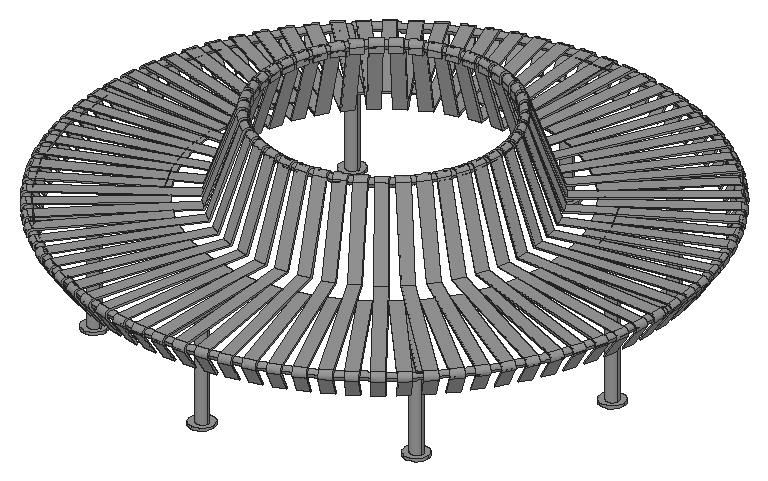
Revit family "Скамейка стальная круглая «Вертикаль» Арт 14179", category Антураж, Revit 2018 (continued)
Automatic sketch dimensions
  Extrusion 61 sketch curve to Extrusion 61 sketch curve = 3.586 mm
  Extrusion 61 sketch curve to Extrusion 61 sketch curve = 48.574 mm
  Extrusion 61 sketch curve to plane 6 = 372.41 mm
  Extrusion 61 sketch curve to Extrusion 61 sketch curve = 13.042 mm
  Extrusion 61 sketch curve to plane 6 = 375.115 mm
  Extrusion 61 sketch curve to Extrusion 61 sketch curve = 4.211 mm
  Extrusion 62 sketch curve to Extrusion 62 sketch curve = 0 mm  (x4)
  Extrusion 62 sketch curve to plane 6 = 45 mm
  Extrusion 62 sketch curve to Extrusion 62 sketch curve = 5 mm
  Extrusion 62 sketch curve to Extrusion 62 sketch curve = 15 mm
  Extrusion 62 sketch curve to plane 6 = 14.906 mm
  Extrusion 62 sketch curve to Extrusion 62 sketch curve = 14.108 mm
  Extrusion 62 sketch curve to plane 6 = 13.207 mm
  Extrusion 62 sketch curve to plane 6 = 350 mm
  Extrusion 62 sketch curve to Extrusion 62 sketch curve = 150.11 mm
  Extrusion 62 sketch curve to Extrusion 62 sketch curve = 3.511 mm
  level to Extrusion 62 sketch curve = 335.925 mm
  Extrusion 62 sketch curve to Extrusion 62 sketch curve = 547.849 mm
  level to Extrusion 62 sketch curve = 332.34 mm
  Extrusion 62 sketch curve to Extrusion 62 sketch curve = 3.586 mm
  Extrusion 62 sketch curve to Extrusion 62 sketch curve = 48.574 mm
  Extrusion 62 sketch curve to plane 6 = 372.41 mm
  Extrusion 62 sketch curve to Extrusion 62 sketch curve = 13.042 mm
  Extrusion 62 sketch curve to plane 6 = 375.115 mm
  Extrusion 62 sketch curve to Extrusion 62 sketch curve = 4.211 mm
  Extrusion 63 sketch curve to Extrusion 63 sketch curve = 0 mm  (x2)
  Extrusion 63 sketch curve to plane 6 = 350 mm
  level to Extrusion 63 sketch curve = 335.925 mm
  Extrusion 63 sketch curve to Extrusion 63 sketch curve = 442.653 mm
  level to Extrusion 63 sketch curve = 332.34 mm
  Extrusion 63 sketch curve to Extrusion 63 sketch curve = 3.586 mm
  Extrusion 63 sketch curve to Extrusion 63 sketch curve = 48.574 mm
  Extrusion 63 sketch curve to plane 6 = 372.41 mm
  Extrusion 63 sketch curve to Extrusion 63 sketch curve = 13.042 mm
  Extrusion 63 sketch curve to plane 6 = 375.115 mm
  Extrusion 63 sketch curve to Extrusion 63 sketch curve = 4.211 mm
  Extrusion 64 sketch curve to Extrusion 64 sketch curve = 0 mm  (x4)
  Extrusion 64 sketch curve to plane 6 = 45 mm
  Extrusion 64 sketch curve to Extrusion 64 sketch curve = 5 mm
  Extrusion 64 sketch curve to Extrusion 64 sketch curve = 15 mm
  Extrusion 64 sketch curve to plane 6 = 14.906 mm
  Extrusion 64 sketch curve to Extrusion 64 sketch curve = 14.108 mm
  Extrusion 64 sketch curve to plane 6 = 13.207 mm
  Extrusion 64 sketch curve to plane 6 = 350 mm
  Extrusion 64 sketch curve to Extrusion 64 sketch curve = 150.11 mm
  Extrusion 64 sketch curve to Extrusion 64 sketch curve = 3.511 mm
  level to Extrusion 64 sketch curve = 335.925 mm
  Extrusion 64 sketch curve to Extrusion 64 sketch curve = 547.849 mm
  level to Extrusion 64 sketch curve = 332.34 mm
  Extrusion 64 sketch curve to Extrusion 64 sketch curve = 3.586 mm
  Extrusion 64 sketch curve to Extrusion 64 sketch curve = 48.574 mm
  Extrusion 64 sketch curve to plane 6 = 372.41 mm
  Extrusion 64 sketch curve to Extrusion 64 sketch curve = 13.042 mm
  Extrusion 64 sketch curve to plane 6 = 375.115 mm
  Extrusion 64 sketch curve to Extrusion 64 sketch curve = 4.211 mm
  Extrusion 65 sketch curve to Extrusion 65 sketch curve = 0 mm  (x2)
  Extrusion 65 sketch curve to plane 6 = 350 mm
  level to Extrusion 65 sketch curve = 335.925 mm
  Extrusion 65 sketch curve to Extrusion 65 sketch curve = 442.653 mm
  level to Extrusion 65 sketch curve = 332.34 mm
  Extrusion 65 sketch curve to Extrusion 65 sketch curve = 3.586 mm
  Extrusion 65 sketch curve to Extrusion 65 sketch curve = 48.574 mm
  Extrusion 65 sketch curve to plane 6 = 372.41 mm
  Extrusion 65 sketch curve to Extrusion 65 sketch curve = 13.042 mm
  Extrusion 65 sketch curve to plane 6 = 375.115 mm
  Extrusion 65 sketch curve to Extrusion 65 sketch curve = 4.211 mm
  Extrusion 66 sketch curve to Extrusion 66 sketch curve = 0 mm  (x4)
  Extrusion 66 sketch curve to plane 6 = 45 mm
  Extrusion 66 sketch curve to Extrusion 66 sketch curve = 5 mm
  Extrusion 66 sketch curve to Extrusion 66 sketch curve = 15 mm
  Extrusion 66 sketch curve to plane 6 = 14.906 mm
  Extrusion 66 sketch curve to Extrusion 66 sketch curve = 14.108 mm
  Extrusion 66 sketch curve to plane 6 = 13.207 mm
  Extrusion 66 sketch curve to plane 6 = 350 mm
  Extrusion 66 sketch curve to Extrusion 66 sketch curve = 150.11 mm
  Extrusion 66 sketch curve to Extrusion 66 sketch curve = 3.511 mm
  level to Extrusion 66 sketch curve = 335.925 mm
  Extrusion 66 sketch curve to Extrusion 66 sketch curve = 547.849 mm
  level to Extrusion 66 sketch curve = 332.34 mm
  Extrusion 66 sketch curve to Extrusion 66 sketch curve = 3.586 mm
  Extrusion 66 sketch curve to Extrusion 66 sketch curve = 48.574 mm
  Extrusion 66 sketch curve to plane 6 = 372.41 mm
  Extrusion 66 sketch curve to Extrusion 66 sketch curve = 13.042 mm
  Extrusion 66 sketch curve to plane 6 = 375.115 mm
  Extrusion 66 sketch curve to Extrusion 66 sketch curve = 4.211 mm
  Extrusion 67 sketch curve to Extrusion 67 sketch curve = 0 mm  (x2)
  Extrusion 67 sketch curve to plane 6 = 350 mm
  level to Extrusion 67 sketch curve = 335.925 mm
  Extrusion 67 sketch curve to Extrusion 67 sketch curve = 442.653 mm
  level to Extrusion 67 sketch curve = 332.34 mm
  Extrusion 67 sketch curve to Extrusion 67 sketch curve = 3.586 mm
  Extrusion 67 sketch curve to Extrusion 67 sketch curve = 48.574 mm
  Extrusion 67 sketch curve to plane 6 = 372.41 mm
  Extrusion 67 sketch curve to Extrusion 67 sketch curve = 13.042 mm
  Extrusion 67 sketch curve to plane 6 = 375.115 mm
  Extrusion 67 sketch curve to Extrusion 67 sketch curve = 4.211 mm
  Extrusion 68 sketch curve to Extrusion 68 sketch curve = 0 mm  (x4)
  Extrusion 68 sketch curve to plane 6 = 45 mm
  Extrusion 68 sketch curve to Extrusion 68 sketch curve = 5 mm
  Extrusion 68 sketch curve to Extrusion 68 sketch curve = 15 mm
  Extrusion 68 sketch curve to plane 6 = 14.906 mm
  Extrusion 68 sketch curve to Extrusion 68 sketch curve = 14.108 mm
  Extrusion 68 sketch curve to plane 6 = 13.207 mm
  Extrusion 68 sketch curve to plane 6 = 350 mm
  Extrusion 68 sketch curve to Extrusion 68 sketch curve = 150.11 mm
  Extrusion 68 sketch curve to Extrusion 68 sketch curve = 3.511 mm
  level to Extrusion 68 sketch curve = 335.925 mm
  Extrusion 68 sketch curve to Extrusion 68 sketch curve = 547.849 mm
  level to Extrusion 68 sketch curve = 332.34 mm
  Extrusion 68 sketch curve to Extrusion 68 sketch curve = 3.586 mm
  Extrusion 68 sketch curve to Extrusion 68 sketch curve = 48.574 mm
  Extrusion 68 sketch curve to plane 6 = 372.41 mm
  Extrusion 68 sketch curve to Extrusion 68 sketch curve = 13.042 mm
  Extrusion 68 sketch curve to plane 6 = 375.115 mm
  Extrusion 68 sketch curve to Extrusion 68 sketch curve = 4.211 mm
  Extrusion 69 sketch curve to Extrusion 69 sketch curve = 0 mm  (x2)
  Extrusion 69 sketch curve to plane 6 = 350 mm
  level to Extrusion 69 sketch curve = 335.925 mm
  Extrusion 69 sketch curve to Extrusion 69 sketch curve = 442.653 mm
  level to Extrusion 69 sketch curve = 332.34 mm
  Extrusion 69 sketch curve to Extrusion 69 sketch curve = 3.586 mm
  Extrusion 69 sketch curve to Extrusion 69 sketch curve = 48.574 mm
  Extrusion 69 sketch curve to plane 6 = 372.41 mm
  Extrusion 69 sketch curve to Extrusion 69 sketch curve = 13.042 mm
  Extrusion 69 sketch curve to plane 6 = 375.115 mm
  Extrusion 69 sketch curve to Extrusion 69 sketch curve = 4.211 mm
  Extrusion 70 sketch curve to Extrusion 70 sketch curve = 0 mm  (x4)
  Extrusion 70 sketch curve to plane 6 = 45 mm
  Extrusion 70 sketch curve to Extrusion 70 sketch curve = 5 mm
  Extrusion 70 sketch curve to Extrusion 70 sketch curve = 15 mm
  Extrusion 70 sketch curve to plane 6 = 14.906 mm
  Extrusion 70 sketch curve to Extrusion 70 sketch curve = 14.108 mm
  Extrusion 70 sketch curve to plane 6 = 13.207 mm
  Extrusion 70 sketch curve to plane 6 = 350 mm
  Extrusion 70 sketch curve to Extrusion 70 sketch curve = 150.11 mm
  Extrusion 70 sketch curve to Extrusion 70 sketch curve = 3.511 mm
  level to Extrusion 70 sketch curve = 335.925 mm
  Extrusion 70 sketch curve to Extrusion 70 sketch curve = 547.849 mm
  level to Extrusion 70 sketch curve = 332.34 mm
  Extrusion 70 sketch curve to Extrusion 70 sketch curve = 3.586 mm
  Extrusion 70 sketch curve to Extrusion 70 sketch curve = 48.574 mm
  Extrusion 70 sketch curve to plane 6 = 372.41 mm
  Extrusion 70 sketch curve to Extrusion 70 sketch curve = 13.042 mm
  Extrusion 70 sketch curve to plane 6 = 375.115 mm
  Extrusion 70 sketch curve to Extrusion 70 sketch curve = 4.211 mm
  Extrusion 71 sketch curve to Extrusion 71 sketch curve = 0 mm  (x2)
  Extrusion 71 sketch curve to plane 6 = 350 mm
  level to Extrusion 71 sketch curve = 335.925 mm
  Extrusion 71 sketch curve to Extrusion 71 sketch curve = 442.653 mm
  level to Extrusion 71 sketch curve = 332.34 mm
  Extrusion 71 sketch curve to Extrusion 71 sketch curve = 3.586 mm
  Extrusion 71 sketch curve to Extrusion 71 sketch curve = 48.574 mm
  Extrusion 71 sketch curve to plane 6 = 372.41 mm
  Extrusion 71 sketch curve to Extrusion 71 sketch curve = 13.042 mm
  Extrusion 71 sketch curve to plane 6 = 375.115 mm
  Extrusion 71 sketch curve to Extrusion 71 sketch curve = 4.211 mm
  Extrusion 72 sketch curve to Extrusion 72 sketch curve = 0 mm  (x4)
  Extrusion 72 sketch curve to plane 6 = 45 mm
  Extrusion 72 sketch curve to Extrusion 72 sketch curve = 5 mm
  Extrusion 72 sketch curve to Extrusion 72 sketch curve = 15 mm
  Extrusion 72 sketch curve to plane 6 = 14.906 mm
  Extrusion 72 sketch curve to Extrusion 72 sketch curve = 14.108 mm
  Extrusion 72 sketch curve to plane 6 = 13.207 mm
  Extrusion 72 sketch curve to plane 6 = 350 mm
  Extrusion 72 sketch curve to Extrusion 72 sketch curve = 150.11 mm
  Extrusion 72 sketch curve to Extrusion 72 sketch curve = 3.511 mm
  level to Extrusion 72 sketch curve = 335.925 mm
  Extrusion 72 sketch curve to Extrusion 72 sketch curve = 547.849 mm
  level to Extrusion 72 sketch curve = 332.34 mm
  Extrusion 72 sketch curve to Extrusion 72 sketch curve = 3.586 mm
  Extrusion 72 sketch curve to Extrusion 72 sketch curve = 48.574 mm
  Extrusion 72 sketch curve to plane 6 = 372.41 mm
  Extrusion 72 sketch curve to Extrusion 72 sketch curve = 13.042 mm
  Extrusion 72 sketch curve to plane 6 = 375.115 mm
  Extrusion 72 sketch curve to Extrusion 72 sketch curve = 4.211 mm
  Extrusion 73 sketch curve to Extrusion 73 sketch curve = 0 mm  (x2)
  Extrusion 73 sketch curve to plane 6 = 350 mm
  level to Extrusion 73 sketch curve = 335.925 mm
  Extrusion 73 sketch curve to Extrusion 73 sketch curve = 442.653 mm
  level to Extrusion 73 sketch curve = 332.34 mm
  Extrusion 73 sketch curve to Extrusion 73 sketch curve = 3.586 mm
  Extrusion 73 sketch curve to Extrusion 73 sketch curve = 48.574 mm
  Extrusion 73 sketch curve to plane 6 = 372.41 mm
  Extrusion 73 sketch curve to Extrusion 73 sketch curve = 13.042 mm
  Extrusion 73 sketch curve to plane 6 = 375.115 mm
  Extrusion 73 sketch curve to Extrusion 73 sketch curve = 4.211 mm
  Extrusion 74 sketch curve to Extrusion 74 sketch curve = 0 mm  (x4)
  Extrusion 74 sketch curve to plane 6 = 45 mm
  Extrusion 74 sketch curve to Extrusion 74 sketch curve = 5 mm
  Extrusion 74 sketch curve to Extrusion 74 sketch curve = 15 mm
  Extrusion 74 sketch curve to plane 6 = 14.906 mm
  Extrusion 74 sketch curve to Extrusion 74 sketch curve = 14.108 mm
  Extrusion 74 sketch curve to plane 6 = 13.207 mm
  Extrusion 74 sketch curve to plane 6 = 350 mm
  Extrusion 74 sketch curve to Extrusion 74 sketch curve = 150.11 mm
  Extrusion 74 sketch curve to Extrusion 74 sketch curve = 3.511 mm
  level to Extrusion 74 sketch curve = 335.925 mm
  Extrusion 74 sketch curve to Extrusion 74 sketch curve = 547.849 mm
  level to Extrusion 74 sketch curve = 332.34 mm
  Extrusion 74 sketch curve to Extrusion 74 sketch curve = 3.586 mm
  Extrusion 74 sketch curve to Extrusion 74 sketch curve = 48.574 mm
  Extrusion 74 sketch curve to plane 6 = 372.41 mm
  Extrusion 74 sketch curve to Extrusion 74 sketch curve = 13.042 mm
  Extrusion 74 sketch curve to plane 6 = 375.115 mm
  Extrusion 74 sketch curve to Extrusion 74 sketch curve = 4.211 mm
  Extrusion 75 sketch curve to Extrusion 75 sketch curve = 0 mm  (x2)
  Extrusion 75 sketch curve to plane 6 = 350 mm
  level to Extrusion 75 sketch curve = 335.925 mm
  Extrusion 75 sketch curve to Extrusion 75 sketch curve = 442.653 mm
  level to Extrusion 75 sketch curve = 332.34 mm
  Extrusion 75 sketch curve to Extrusion 75 sketch curve = 3.586 mm
  Extrusion 75 sketch curve to Extrusion 75 sketch curve = 48.574 mm
  Extrusion 75 sketch curve to plane 6 = 372.41 mm
  Extrusion 75 sketch curve to Extrusion 75 sketch curve = 13.042 mm
  Extrusion 75 sketch curve to plane 6 = 375.115 mm
  Extrusion 75 sketch curve to Extrusion 75 sketch curve = 4.211 mm
  Extrusion 76 sketch curve to Extrusion 76 sketch curve = 0 mm  (x4)
  Extrusion 76 sketch curve to plane 6 = 45 mm
  Extrusion 76 sketch curve to Extrusion 76 sketch curve = 5 mm
  Extrusion 76 sketch curve to Extrusion 76 sketch curve = 15 mm
  Extrusion 76 sketch curve to plane 6 = 14.906 mm
  Extrusion 76 sketch curve to Extrusion 76 sketch curve = 14.108 mm
  Extrusion 76 sketch curve to plane 6 = 13.207 mm
  Extrusion 76 sketch curve to plane 6 = 350 mm
  Extrusion 76 sketch curve to Extrusion 76 sketch curve = 150.11 mm
  Extrusion 76 sketch curve to Extrusion 76 sketch curve = 3.511 mm
  level to Extrusion 76 sketch curve = 335.925 mm
  Extrusion 76 sketch curve to Extrusion 76 sketch curve = 547.849 mm
  level to Extrusion 76 sketch curve = 332.34 mm
  Extrusion 76 sketch curve to Extrusion 76 sketch curve = 3.586 mm
  Extrusion 76 sketch curve to Extrusion 76 sketch curve = 48.574 mm
  Extrusion 76 sketch curve to plane 6 = 372.41 mm
  Extrusion 76 sketch curve to Extrusion 76 sketch curve = 13.042 mm
  Extrusion 76 sketch curve to plane 6 = 375.115 mm
  Extrusion 76 sketch curve to Extrusion 76 sketch curve = 4.211 mm
  Extrusion 77 sketch curve to Extrusion 77 sketch curve = 0 mm  (x2)
  Extrusion 77 sketch curve to plane 6 = 350 mm
  level to Extrusion 77 sketch curve = 335.925 mm
  Extrusion 77 sketch curve to Extrusion 77 sketch curve = 442.653 mm
  level to Extrusion 77 sketch curve = 332.34 mm
  Extrusion 77 sketch curve to Extrusion 77 sketch curve = 3.586 mm
  Extrusion 77 sketch curve to Extrusion 77 sketch curve = 48.574 mm
  Extrusion 77 sketch curve to plane 6 = 372.41 mm
  Extrusion 77 sketch curve to Extrusion 77 sketch curve = 13.042 mm
  Extrusion 77 sketch curve to plane 6 = 375.115 mm
  Extrusion 77 sketch curve to Extrusion 77 sketch curve = 4.211 mm
  Extrusion 78 sketch curve to Extrusion 78 sketch curve = 0 mm  (x4)
  Extrusion 78 sketch curve to plane 6 = 45 mm
  Extrusion 78 sketch curve to Extrusion 78 sketch curve = 5 mm
  Extrusion 78 sketch curve to Extrusion 78 sketch curve = 15 mm
  Extrusion 78 sketch curve to plane 6 = 14.906 mm
  Extrusion 78 sketch curve to Extrusion 78 sketch curve = 14.108 mm
  Extrusion 78 sketch curve to plane 6 = 13.207 mm
  Extrusion 78 sketch curve to plane 6 = 350 mm
  Extrusion 78 sketch curve to Extrusion 78 sketch curve = 150.11 mm
  Extrusion 78 sketch curve to Extrusion 78 sketch curve = 3.511 mm
  level to Extrusion 78 sketch curve = 335.925 mm
  Extrusion 78 sketch curve to Extrusion 78 sketch curve = 547.849 mm
  level to Extrusion 78 sketch curve = 332.34 mm
  Extrusion 78 sketch curve to Extrusion 78 sketch curve = 3.586 mm
  Extrusion 78 sketch curve to Extrusion 78 sketch curve = 48.574 mm
  Extrusion 78 sketch curve to plane 6 = 372.41 mm
  Extrusion 78 sketch curve to Extrusion 78 sketch curve = 13.042 mm
  Extrusion 78 sketch curve to plane 6 = 375.115 mm
  Extrusion 78 sketch curve to Extrusion 78 sketch curve = 4.211 mm
  Extrusion 79 sketch curve to Extrusion 79 sketch curve = 0 mm  (x2)
  Extrusion 79 sketch curve to plane 6 = 350 mm
  level to Extrusion 79 sketch curve = 335.925 mm
  Extrusion 79 sketch curve to Extrusion 79 sketch curve = 442.653 mm
  level to Extrusion 79 sketch curve = 332.34 mm
  Extrusion 79 sketch curve to Extrusion 79 sketch curve = 3.586 mm
  Extrusion 79 sketch curve to Extrusion 79 sketch curve = 48.574 mm
  Extrusion 79 sketch curve to plane 6 = 372.41 mm
  Extrusion 79 sketch curve to Extrusion 79 sketch curve = 13.042 mm
  Extrusion 79 sketch curve to plane 6 = 375.115 mm
  Extrusion 79 sketch curve to Extrusion 79 sketch curve = 4.211 mm
  Extrusion 80 sketch curve to Extrusion 80 sketch curve = 0 mm  (x4)
  Extrusion 80 sketch curve to plane 6 = 45 mm
  Extrusion 80 sketch curve to Extrusion 80 sketch curve = 5 mm
  Extrusion 80 sketch curve to Extrusion 80 sketch curve = 15 mm
  Extrusion 80 sketch curve to plane 6 = 14.906 mm
  Extrusion 80 sketch curve to Extrusion 80 sketch curve = 14.108 mm
  Extrusion 80 sketch curve to plane 6 = 13.207 mm
  Extrusion 80 sketch curve to plane 6 = 350 mm
  Extrusion 80 sketch curve to Extrusion 80 sketch curve = 150.11 mm
  Extrusion 80 sketch curve to Extrusion 80 sketch curve = 3.511 mm
  level to Extrusion 80 sketch curve = 335.925 mm
  Extrusion 80 sketch curve to Extrusion 80 sketch curve = 547.849 mm
  level to Extrusion 80 sketch curve = 332.34 mm
  Extrusion 80 sketch curve to Extrusion 80 sketch curve = 3.586 mm
  Extrusion 80 sketch curve to Extrusion 80 sketch curve = 48.574 mm
  Extrusion 80 sketch curve to plane 6 = 372.41 mm
  Extrusion 80 sketch curve to Extrusion 80 sketch curve = 13.042 mm
  Extrusion 80 sketch curve to plane 6 = 375.115 mm
  Extrusion 80 sketch curve to Extrusion 80 sketch curve = 4.211 mm
  Extrusion 81 sketch curve to Extrusion 81 sketch curve = 0 mm  (x2)
  Extrusion 81 sketch curve to plane 6 = 350 mm
  level to Extrusion 81 sketch curve = 335.925 mm
  Extrusion 81 sketch curve to Extrusion 81 sketch curve = 442.653 mm
  level to Extrusion 81 sketch curve = 332.34 mm
  Extrusion 81 sketch curve to Extrusion 81 sketch curve = 3.586 mm
  Extrusion 81 sketch curve to Extrusion 81 sketch curve = 48.574 mm
  Extrusion 81 sketch curve to plane 6 = 372.41 mm
  Extrusion 81 sketch curve to Extrusion 81 sketch curve = 13.042 mm
  Extrusion 81 sketch curve to plane 6 = 375.115 mm
  Extrusion 81 sketch curve to Extrusion 81 sketch curve = 4.211 mm
  Extrusion 82 sketch curve to Extrusion 82 sketch curve = 0 mm  (x4)
  Extrusion 82 sketch curve to plane 6 = 45 mm
  Extrusion 82 sketch curve to Extrusion 82 sketch curve = 5 mm
  Extrusion 82 sketch curve to Extrusion 82 sketch curve = 15 mm
  Extrusion 82 sketch curve to plane 6 = 14.906 mm
  Extrusion 82 sketch curve to Extrusion 82 sketch curve = 14.108 mm
  Extrusion 82 sketch curve to plane 6 = 13.207 mm
  Extrusion 82 sketch curve to plane 6 = 350 mm
  Extrusion 82 sketch curve to Extrusion 82 sketch curve = 150.11 mm
  Extrusion 82 sketch curve to Extrusion 82 sketch curve = 3.511 mm
  level to Extrusion 82 sketch curve = 335.925 mm
  Extrusion 82 sketch curve to Extrusion 82 sketch curve = 547.849 mm
  level to Extrusion 82 sketch curve = 332.34 mm
  Extrusion 82 sketch curve to Extrusion 82 sketch curve = 3.586 mm
  Extrusion 82 sketch curve to Extrusion 82 sketch curve = 48.574 mm
  Extrusion 82 sketch curve to plane 6 = 372.41 mm
  Extrusion 82 sketch curve to Extrusion 82 sketch curve = 13.042 mm
  Extrusion 82 sketch curve to plane 6 = 375.115 mm
  Extrusion 82 sketch curve to Extrusion 82 sketch curve = 4.211 mm
  Extrusion 83 sketch curve to Extrusion 83 sketch curve = 0 mm  (x2)
  Extrusion 83 sketch curve to plane 6 = 350 mm
  level to Extrusion 83 sketch curve = 335.925 mm
  Extrusion 83 sketch curve to Extrusion 83 sketch curve = 442.653 mm
  level to Extrusion 83 sketch curve = 332.34 mm
  Extrusion 83 sketch curve to Extrusion 83 sketch curve = 3.586 mm
  Extrusion 83 sketch curve to Extrusion 83 sketch curve = 48.574 mm
  Extrusion 83 sketch curve to plane 6 = 372.41 mm
  Extrusion 83 sketch curve to Extrusion 83 sketch curve = 13.042 mm
  Extrusion 83 sketch curve to plane 6 = 375.115 mm
  Extrusion 83 sketch curve to Extrusion 83 sketch curve = 4.211 mm
  Extrusion 84 sketch curve to Extrusion 84 sketch curve = 0 mm  (x4)
  Extrusion 84 sketch curve to plane 6 = 45 mm
  Extrusion 84 sketch curve to Extrusion 84 sketch curve = 5 mm
  Extrusion 84 sketch curve to Extrusion 84 sketch curve = 15 mm
  Extrusion 84 sketch curve to plane 6 = 14.906 mm
  Extrusion 84 sketch curve to Extrusion 84 sketch curve = 14.108 mm
  Extrusion 84 sketch curve to plane 6 = 13.207 mm
  Extrusion 84 sketch curve to plane 6 = 350 mm
  Extrusion 84 sketch curve to Extrusion 84 sketch curve = 150.11 mm
  Extrusion 84 sketch curve to Extrusion 84 sketch curve = 3.511 mm
  level to Extrusion 84 sketch curve = 335.925 mm
  Extrusion 84 sketch curve to Extrusion 84 sketch curve = 547.849 mm
  level to Extrusion 84 sketch curve = 332.34 mm
  Extrusion 84 sketch curve to Extrusion 84 sketch curve = 3.586 mm
  Extrusion 84 sketch curve to Extrusion 84 sketch curve = 48.574 mm
  Extrusion 84 sketch curve to plane 6 = 372.41 mm
  Extrusion 84 sketch curve to Extrusion 84 sketch curve = 13.042 mm
  Extrusion 84 sketch curve to plane 6 = 375.115 mm
  Extrusion 84 sketch curve to Extrusion 84 sketch curve = 4.211 mm
  Extrusion 85 sketch curve to Extrusion 85 sketch curve = 0 mm  (x2)
  Extrusion 85 sketch curve to plane 6 = 350 mm
  level to Extrusion 85 sketch curve = 335.925 mm
  Extrusion 85 sketch curve to Extrusion 85 sketch curve = 442.653 mm
  level to Extrusion 85 sketch curve = 332.34 mm
  Extrusion 85 sketch curve to Extrusion 85 sketch curve = 3.586 mm
  Extrusion 85 sketch curve to Extrusion 85 sketch curve = 48.574 mm
  Extrusion 85 sketch curve to plane 6 = 372.41 mm
  Extrusion 85 sketch curve to Extrusion 85 sketch curve = 13.042 mm
  Extrusion 85 sketch curve to plane 6 = 375.115 mm
  Extrusion 85 sketch curve to Extrusion 85 sketch curve = 4.211 mm
  Extrusion 86 sketch curve to Extrusion 86 sketch curve = 0 mm  (x4)
  Extrusion 86 sketch curve to plane 6 = 45 mm
  Extrusion 86 sketch curve to Extrusion 86 sketch curve = 5 mm
  Extrusion 86 sketch curve to Extrusion 86 sketch curve = 15 mm
  Extrusion 86 sketch curve to plane 6 = 14.906 mm
  Extrusion 86 sketch curve to Extrusion 86 sketch curve = 14.108 mm
  Extrusion 86 sketch curve to plane 6 = 13.207 mm
  Extrusion 86 sketch curve to plane 6 = 350 mm
  Extrusion 86 sketch curve to Extrusion 86 sketch curve = 150.11 mm
  Extrusion 86 sketch curve to Extrusion 86 sketch curve = 3.511 mm
  level to Extrusion 86 sketch curve = 335.925 mm
  Extrusion 86 sketch curve to Extrusion 86 sketch curve = 547.849 mm
  level to Extrusion 86 sketch curve = 332.34 mm
  Extrusion 86 sketch curve to Extrusion 86 sketch curve = 3.586 mm
  Extrusion 86 sketch curve to Extrusion 86 sketch curve = 48.574 mm
  Extrusion 86 sketch curve to plane 6 = 372.41 mm
  Extrusion 86 sketch curve to Extrusion 86 sketch curve = 13.042 mm
  Extrusion 86 sketch curve to plane 6 = 375.115 mm
  Extrusion 86 sketch curve to Extrusion 86 sketch curve = 4.211 mm
  Extrusion 87 sketch curve to Extrusion 87 sketch curve = 0 mm  (x2)
  Extrusion 87 sketch curve to plane 6 = 350 mm
  level to Extrusion 87 sketch curve = 335.925 mm
  Extrusion 87 sketch curve to Extrusion 87 sketch curve = 442.653 mm
  level to Extrusion 87 sketch curve = 332.34 mm
  Extrusion 87 sketch curve to Extrusion 87 sketch curve = 3.586 mm
  Extrusion 87 sketch curve to Extrusion 87 sketch curve = 48.574 mm
  Extrusion 87 sketch curve to plane 6 = 372.41 mm
  Extrusion 87 sketch curve to Extrusion 87 sketch curve = 13.042 mm
  Extrusion 87 sketch curve to plane 6 = 375.115 mm
  Extrusion 87 sketch curve to Extrusion 87 sketch curve = 4.211 mm
  Extrusion 88 sketch curve to Extrusion 88 sketch curve = 0 mm  (x4)
  Extrusion 88 sketch curve to plane 6 = 45 mm
  Extrusion 88 sketch curve to Extrusion 88 sketch curve = 5 mm
  Extrusion 88 sketch curve to Extrusion 88 sketch curve = 15 mm
  Extrusion 88 sketch curve to plane 6 = 14.906 mm
  Extrusion 88 sketch curve to Extrusion 88 sketch curve = 14.108 mm
  Extrusion 88 sketch curve to plane 6 = 13.207 mm
  Extrusion 88 sketch curve to plane 6 = 350 mm
  Extrusion 88 sketch curve to Extrusion 88 sketch curve = 150.11 mm
  Extrusion 88 sketch curve to Extrusion 88 sketch curve = 3.511 mm
  level to Extrusion 88 sketch curve = 335.925 mm
  Extrusion 88 sketch curve to Extrusion 88 sketch curve = 547.849 mm
  level to Extrusion 88 sketch curve = 332.34 mm
  Extrusion 88 sketch curve to Extrusion 88 sketch curve = 3.586 mm
  Extrusion 88 sketch curve to Extrusion 88 sketch curve = 48.574 mm
  Extrusion 88 sketch curve to plane 6 = 372.41 mm
  Extrusion 88 sketch curve to Extrusion 88 sketch curve = 13.042 mm
  Extrusion 88 sketch curve to plane 6 = 375.115 mm
  Extrusion 88 sketch curve to Extrusion 88 sketch curve = 4.211 mm
  Extrusion 89 sketch curve to Extrusion 89 sketch curve = 0 mm  (x2)
  Extrusion 89 sketch curve to plane 6 = 350 mm
  level to Extrusion 89 sketch curve = 335.925 mm
  Extrusion 89 sketch curve to Extrusion 89 sketch curve = 442.653 mm
  level to Extrusion 89 sketch curve = 332.34 mm
  Extrusion 89 sketch curve to Extrusion 89 sketch curve = 3.586 mm
  Extrusion 89 sketch curve to Extrusion 89 sketch curve = 48.574 mm
  Extrusion 89 sketch curve to plane 6 = 372.41 mm
  Extrusion 89 sketch curve to Extrusion 89 sketch curve = 13.042 mm
  Extrusion 89 sketch curve to plane 6 = 375.115 mm
  Extrusion 89 sketch curve to Extrusion 89 sketch curve = 4.211 mm
  plane 3 "По центру (Влево/Вправо)" to Extrusion 90 sketch curve = 20 mm
  plane 3 "По центру (Влево/Вправо)" to Extrusion 90 sketch curve = 358.188 mm  (x2)
  Extrusion 90 sketch curve to Extrusion 90 sketch curve = 35.355 mm  (x8)
  Extrusion 90 sketch curve to Extrusion 90 sketch curve = 448.649 mm  (x2)
  Extrusion 90 sketch curve to Extrusion 90 sketch curve = 317.243 mm  (x2)
  Extrusion 90 sketch curve to plane 5 = 20 mm
  Extrusion 90 sketch curve to Extrusion 90 sketch curve = 499.214 mm  (x8)
  Extrusion 90 sketch curve to Extrusion 90 sketch curve = 50 mm  (x4)
  Extrusion 90 sketch curve to plane 4 = 468.649 mm
  Extrusion 90 sketch curve to plane 4 = 393.543 mm  (x2)
  Extrusion 90 sketch curve to plane 4 = 20 mm
  Extrusion 90 sketch curve to plane 5 = 358.188 mm  (x2)
  Extrusion 90 sketch curve to plane 1 "По центру (Вперед/Назад)" = 468.649 mm
  Extrusion 90 sketch curve to plane 1 "По центру (Вперед/Назад)" = 20 mm
  plane 3 "По центру (Влево/Вправо)" to Extrusion 91 sketch curve = 244.324 mm
  plane 3 "По центру (Влево/Вправо)" to Extrusion 91 sketch curve = 534.487 mm  (x2)
  Extrusion 91 sketch curve to plane 1 "По центру (Вперед/Назад)" = 244.324 mm
  Extrusion 91 sketch curve to Extrusion 91 sketch curve = 700.513 mm  (x4)
  Extrusion 91 sketch curve to plane 5 = 244.324 mm
  Extrusion 91 sketch curve to plane 4 = 534.487 mm  (x2)
  Extrusion 91 sketch curve to plane 4 = 244.324 mm
  Extrusion 91 sketch curve to plane 1 "По центру (Вперед/Назад)" = 534.487 mm  (x2)
  Extrusion 91 sketch curve to plane 5 = 534.487 mm  (x2)
  plane 3 "По центру (Влево/Вправо)" to Extrusion 92 sketch curve = 244.324 mm
  plane 3 "По центру (Влево/Вправо)" to Extrusion 92 sketch curve = 534.487 mm  (x2)
  Extrusion 92 sketch curve to plane 1 "По центру (Вперед/Назад)" = 244.324 mm
  Extrusion 92 sketch curve to Extrusion 92 sketch curve = 700.513 mm  (x4)
  Extrusion 92 sketch curve to plane 5 = 244.324 mm
  Extrusion 92 sketch curve to plane 4 = 534.487 mm  (x2)
  Extrusion 92 sketch curve to plane 4 = 244.324 mm
  Extrusion 92 sketch curve to plane 1 "По центру (Вперед/Назад)" = 534.487 mm  (x2)
  Extrusion 92 sketch curve to plane 5 = 534.487 mm  (x2)
  Extrusion 92 sketch curve to Extrusion 92 sketch curve = 0 mm  (x16)
  radius of Sweep 1 sketch curve = 1235 mm
  radius of Sweep 1 sketch curve = 15 mm
  radius of Sweep 2 sketch curve = 500 mm
  radius of Sweep 2 sketch curve = 15 mm
  radius of Extrusion 5 sketch curve = 800 mm
  radius of Extrusion 5 sketch curve = 750 mm
  radius of Extrusion 91 sketch curve = 25 mm  (x8)
  radius of Extrusion 92 sketch curve = 25 mm  (x8)
  radius of Extrusion 92 sketch curve = 50 mm  (x8)
